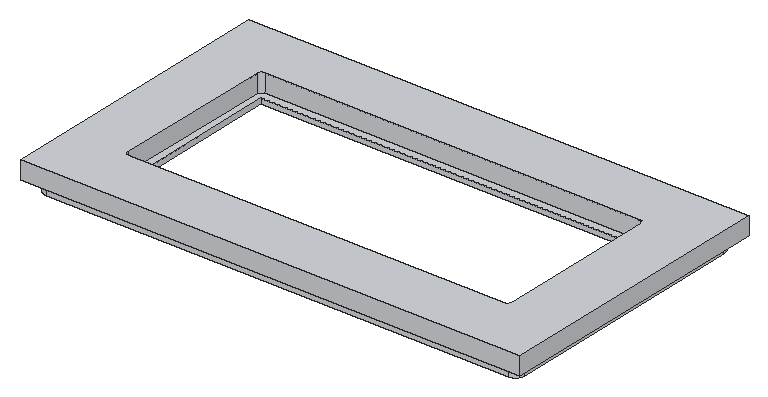
Revit family "Gira_1002219", category Electrical Fixtures, host Face, Revit 2017
Family settings
  Host = Face
  Maintain Annotation Orientation = No
  Round Connector Dimension = Use Diameter
  Part Type = Normal
  Cut with Voids When Loaded = No
  Shared = No
  Room Calculation Point = No
Parameters (values of type "Abdeckrahmen 2f o.M. Gira Esprit Edelstahl")
  Werkstoffgüte = "edelstahl"
  Werkstoff = "Metall"
  URL = "http://katalog.gira.de/de_DE/datenblatt.html?artikelnr=1002219"
  Transparent = "No"
  Textfeld/Beschriftungsfläche = "No"
  Schutzart (IP) = "IP20"
  Region = "DE"
  Oberfläche = "sonstige"
  Name = "Abdeckrahmen 2f o.M. Gira Esprit Edelstahl"
  Montagerichtung = "horizontal und vertikal"
  Mit Montagerahmen = "No"
  Mit Klappdeckel = "No"
  Manufacturer URL = "https://www.gira.de/"
  Keynote = "Espr._Rahmen_2fach o.Mittelsteg"
  HeinzeBIM = "https://bimportal.heinze.de/bim/abdeckrahmen-2f-o-m-gira-esprit-edelstahl/cd428551c13b0bda738af1ff2c5044f5ffa602ab"
  Halogenfrei = "No"
  HAN = "1002219"
  Geeignet für Unterputz-Installation = "Yes"
  Geeignet für Unterflurkanaldose = "No"
  Geeignet für Geräteeinbaukanal = "No"
  Geeignet für Einbauinstallation = "No"
  GTIN = "4010337015802"
  Farbe = "edelstahl"
  Default Elevation = 1219.2 mm
  Data sheet (1) = "https://katalog.gira.de/de_DE/download.html?artikelnr=1002219"
  Category = "Abdeckrahmen"
  Befestigungsart = "Klemmbefestigung"
  Available = "Yes"
  Anzahl der Einheiten vertikal = "2 "
  Anzahl der Einheiten horizontal = "2 "
  Anzahl der Einheiten = "2 "
Reference planes
  plane 1 "Center (Front/Back)": y = 0
  plane 2: z = 0
  plane 3 "Center (Left/Right)": x = 0
Forms (mm)
  Extrusion 1, solid, detail levels fine
    sketch origin (0, 0, 0) x (1, 0, 0) y (0, 1, 0)
      loop
        line (-83, 47.5) -> (-83, -47.5) -> (83, -47.5) -> (83, 47.5) -> (-83, 47.5)
      loop
        arc (-63.75, -26.7) -> (-63.311, -27.761) -> (-62.25, -28.2) r 1.5
        line (-62.25, -28.2) -> (62.25, -28.2)
        arc (62.25, -28.2) -> (63.311, -27.761) -> (63.75, -26.7) r 1.5
        line (63.75, -26.7) -> (63.75, 26.7)
        arc (63.75, 26.7) -> (63.311, 27.761) -> (62.25, 28.2) r 1.5
        line (62.25, 28.2) -> (-62.25, 28.2)
        arc (-62.25, 28.2) -> (-63.311, 27.761) -> (-63.75, 26.7) r 1.5
        line (-63.75, 26.7) -> (-63.75, -26.7)
    from 0 to 6
  Extrusion 2, solid, detail levels fine
    sketch origin (0, 0, 0) x (1, 0, 0) y (0, 1, 0)
      loop
        line (-61.518, -25.7) -> (61.45, -25.7) -> (61.45, 25.7) -> (-61.518, 25.7) -> (-61.518, -25.7)
      loop
        arc (-78.55, -41.3) -> (-78.023, -42.573) -> (-76.75, -43.1) r 1.8
        line (-76.75, -43.1) -> (77.95, -43.1)
        arc (77.95, -43.1) -> (79.223, -42.573) -> (79.75, -41.3) r 1.8
        line (79.75, -41.3) -> (79.75, 41.3)
        arc (79.75, 41.3) -> (79.223, 42.573) -> (77.95, 43.1) r 1.8
        line (77.95, 43.1) -> (-76.75, 43.1)
        arc (-76.75, 43.1) -> (-78.023, 42.573) -> (-78.55, 41.3) r 1.8
        line (-78.55, 41.3) -> (-78.55, -41.3)
    from -1.9 to 0
  Extrusion 3, solid, detail levels fine
    sketch origin (0, 0, 0) x (1, 0, 0) y (0, 1, 0)
      loop
        arc (-76.75, 44.4) -> (-78.871, 43.521) -> (-79.75, 41.4) r 3
        line (-79.75, 41.4) -> (-79.75, -41.4)
        arc (-79.75, -41.4) -> (-78.871, -43.521) -> (-76.75, -44.4) r 3
        line (-76.75, -44.4) -> (76.75, -44.4)
        arc (76.75, -44.4) -> (78.871, -43.521) -> (79.75, -41.4) r 3
        line (79.75, -41.4) -> (79.75, 41.4)
        arc (79.75, 41.4) -> (78.871, 43.521) -> (76.75, 44.4) r 3
        line (76.75, 44.4) -> (-76.75, 44.4)
      loop
        arc (-78.55, -41.4) -> (-78.023, -42.673) -> (-76.75, -43.2) r 1.8
        line (-76.75, -43.2) -> (76.75, -43.2)
        arc (76.75, -43.2) -> (78.023, -42.673) -> (78.55, -41.4) r 1.8
        line (78.55, -41.4) -> (78.55, 41.4)
        arc (78.55, 41.4) -> (78.023, 42.673) -> (76.75, 43.2) r 1.8
        line (76.75, 43.2) -> (-76.75, 43.2)
        arc (-76.75, 43.2) -> (-78.023, 42.673) -> (-78.55, 41.4) r 1.8
        line (-78.55, 41.4) -> (-78.55, -41.4)
    from -3.7 to 0
  Extrusion 4, solid, detail levels medium
    sketch origin (0, 0, 0) x (1, 0, 0) y (0, 1, 0)
      loop
        line (-83, 47.5) -> (-83, -47.5) -> (83, -47.5) -> (83, 47.5) -> (-83, 47.5)
    from 0 to 6
  Extrusion 5, solid, detail levels medium
    sketch origin (0, 0, 0) x (1, 0, 0) y (0, 1, 0)
      loop
        line (-79.75, 44.4) -> (-79.75, -44.4) -> (79.75, -44.4) -> (79.75, 44.4) -> (-79.75, 44.4)
    from -3.7 to 0
  Extrusion 6, solid, detail levels coarse
    sketch origin (0, 0, 0) x (1, 0, 0) y (0, 1, 0)
      loop
        line (-83, 47.5) -> (-83, -47.5) -> (83, -47.5) -> (83, 47.5) -> (-83, 47.5)
    from -3.7 to 6
Dimensions and locks
  aligned and locked: plane 2 to host face
  aligned and locked: level to host face
